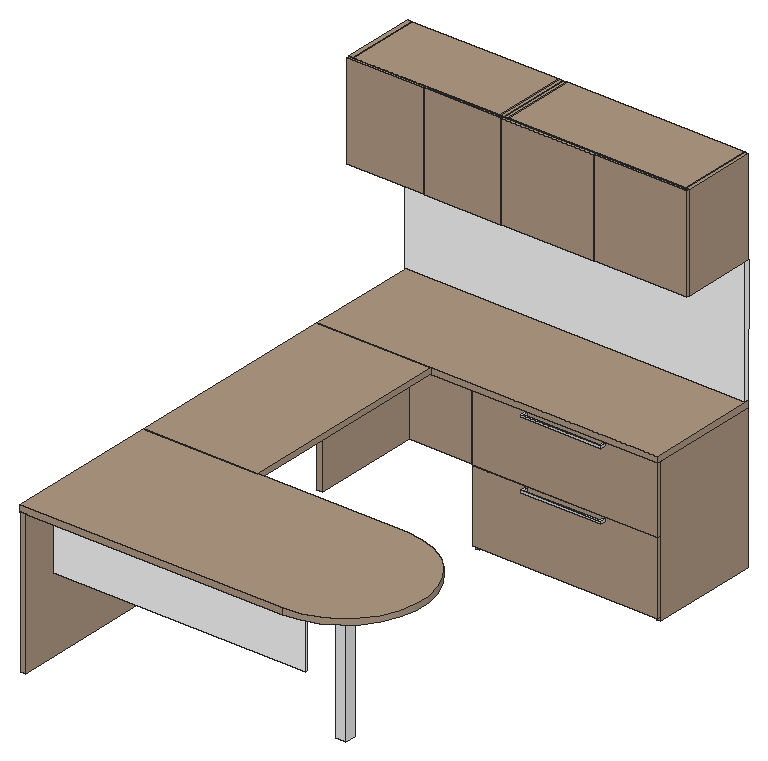
Revit family "T100067", category Furniture, Revit 2013
Parameters (values of type "T100067")
  Width = 66"
  URL = "http://www.ofsbrands.com/"
  Top Core Material = OFS BRANDS STACKS Top Core Wood
  Roll Material = OFS BRANDS STACKS Roll Plastic
  Pull Material = OFS BRANDS STACKS Pull Metal
  Model = "T100067"
  Manufacturer = "FIRST OFFICE"
  Lock Material = OFS BRANDS STACKSLock Metal
  Height = 72"
  Glides Material = OFS BRANDS STACKS Glide Plastic
  Feet Material = OFS BRANDS STACKS Feet Metal
  Drawer Front Material = OFS BRANDS STACKS Drawer Front Wood
  Description = "OFS BRANDS FIRST OFFICE STACKS TYPICAL T100067"
  Depth = 94"
  Cushion Material = OFS BRANDS STACKS Cushion Fabric
  Copyright © = "© 2018 OFS BRANDS"
  Conector Clip Material = OFS BRANDS STACKS Conector Clip Metal
  Chassis Material = OFS BRANDS STACKS Chassis Wood
  Catalog = "http://ofsbrands.com/products/casegoods/private-office/staks-private-office"
  Grommet  Material = OFS BRANDS STACKS Grommet Metal
  Back Coverage Material = OFS BRANDS STACKS Back Coverage Plastic
  Authoring Version = "Autodesk Revit Architecture 2013"
  Assembly Code = "E2020200"
Reference planes (in)
  plane 1 "Center (Front/Back)": y = 0
  plane 2: z = 0
  plane 3 "Center (Left/Right)": x = 0
Forms (in)
  Extrusion 1, solid, material "OFS BRANDS STACKS Top Core Wood" <- "Top Core Material"
    sketch origin (120.11051, -9.33743, 0) x (0, -1, 0) y (1, 0, 0)
      loop
        line (37.66257, -153.11051) -> (37.66257, -102.11051)
        arc (37.66257, -102.11051) -> (22.66257, -87.11051) -> (7.66257, -102.11051) r 15
        line (7.66257, -102.11051) -> (7.66257, -153.11051) -> (37.66257, -153.11051)
    from 27.875 to 29.00005
  Extrusion 2, solid, material "OFS BRANDS STACKS Back Coverage Plastic" <- "Back Coverage Material"
    sketch origin (41.46446, -47.56718, 29.4745) x (1, 0, 0) y (0, 0, 1)
      loop
        line (-23.09849, -13.5995) -> (-23.09849, -1.8495) -> (-72.09849, -1.8495) -> (-72.09849, -13.5995) -> (-23.09849, -13.5995)
    from -5.88091 to -5.63091
  Extrusion 3, solid, material "OFS BRANDS STACKS Conector Clip Metal" <- "Conector Clip Material"
    sketch origin (22.32632, -15.10064, 0) x (0, 1, 0) y (0, 0, 1)
      loop
        line (-25.33563, 27.625) -> (-25.33563, 27.875) -> (-26.21063, 27.875)
        arc (-26.21063, 27.875) -> (-26.4758, 27.76516) -> (-26.58563, 27.5) r 0.375
        line (-26.58563, 27.5) -> (-26.58563, 25.875) -> (-26.33563, 25.875) -> (-26.33563, 27.5)
        arc (-26.33563, 27.5) -> (-26.29902, 27.58839) -> (-26.21063, 27.625) r 0.125
        line (-26.21063, 27.625) -> (-25.33563, 27.625)
    from -9.38691 to -6.63691
  Extrusion 4, solid, material "OFS BRANDS STACKS Conector Clip Metal" <- "Conector Clip Material"
    sketch origin (-17.87212, -15.10064, 0) x (0, 1, 0) y (0, 0, 1)
      loop
        line (-25.33563, 27.625) -> (-25.33563, 27.875) -> (-26.21063, 27.875)
        arc (-26.21063, 27.875) -> (-26.4758, 27.76516) -> (-26.58563, 27.5) r 0.375
        line (-26.58563, 27.5) -> (-26.58563, 25.875) -> (-26.33563, 25.875) -> (-26.33563, 27.5)
        arc (-26.33563, 27.5) -> (-26.29902, 27.58839) -> (-26.21063, 27.625) r 0.125
        line (-26.21063, 27.625) -> (-25.33563, 27.625)
    from -9.38691 to -6.63691
  Extrusion 5, solid, material "OFS BRANDS STACKS Feet Metal" <- "Feet Material"
    sketch origin (-138.22846, -75.2371, 0) x (0, -1, 0) y (1, 0, 0)
      loop
        line (-42.23709, 157.2286) -> (-44.23709, 157.2286) -> (-44.23709, 155.22846) -> (-42.23709, 155.22846) -> (-42.23709, 157.2286)
    from 0 to 27.6807
  Extrusion 6, solid, material "OFS BRANDS STACKS Feet Metal" <- "Feet Material"
    sketch origin (-138.22846, -75.2371, 27.625) x (0, -1, 0) y (1, 0, 0)
      loop
        line (-40.98709, 158.47846) -> (-45.48709, 158.47846) -> (-45.48709, 153.97846) -> (-40.98709, 153.97846) -> (-40.98709, 158.47846)
    from 0 to 0.25
  Extrusion 7, solid, material "OFS BRANDS STACKS Top Core Wood" <- "Top Core Material"
    sketch origin (-1.33743, -106.1105, 0) x (-1, 0, 0) y (0, -1, 0)
      loop
        line (31.66257, -153.11051) -> (31.66257, -131.11051) -> (-34.33743, -131.11051) -> (-34.33743, -153.11051) -> (31.66257, -153.11051)
    from 27.875 to 29.00005
  Extrusion 8, solid, material "OFS BRANDS STACKS Back Coverage Plastic" <- "Back Coverage Material"
    sketch origin (-35.23609, 39.63634, 29.4745) x (1, 0, 0) y (0, 0, 1)
      loop
        line (68.23609, -0.2595) -> (68.23609, 23.9905) -> (2.23609, 23.9905) -> (2.23609, -0.2595) -> (68.23609, -0.2595)
    from -7.36366 to -6.61366
  Extrusion 9, solid, material "OFS BRANDS STACKS Chassis Wood" <- "Chassis Material"
    sketch origin (31.8125, 53.63476, 0) x (0, 1, 0) y (0, 0, -1)
      loop
        line (-6.63476, -53.465) -> (-20.88476, -53.465) -> (-20.88476, -72) -> (-6.63476, -72) -> (-6.63476, -53.465)
    from -1.1875 to -0.4375
  Extrusion 10, solid, material "OFS BRANDS STACKS Chassis Wood" <- "Chassis Material"
    sketch origin (-21, 53.63476, 70.8125) x (1, 0, 0) y (0, -1, 0)
      loop
        line (18.75, 6.63476) -> (53.25, 6.63476) -> (53.25, 20.88476) -> (18.75, 20.88476) -> (18.75, 6.63476)
    from -1.1875 to -0.125
  Extrusion 11, solid, material "OFS BRANDS STACKS Drawer Front Wood" <- "Drawer Front Material"
    sketch origin (-28.86764, 33.3075, -5.31245) x (-1, 0, 0) y (0, 0, 1)
      loop
        line (-61.80514, 77.24994) -> (-61.80514, 58.81245) -> (-43.93019, 58.81245) -> (-43.93019, 77.24994) -> (-61.80514, 77.24994)
    from -1.1175 to -0.5575
  Extrusion 12, solid, material "OFS BRANDS STACKS Chassis Wood" <- "Chassis Material"
    sketch origin (-21, 53.63476, 54.3125) x (1, 0, 0) y (0, -1, 0)
      loop
        line (18.75, 7.82226) -> (53.25, 7.82226) -> (53.25, 20.57227) -> (18.75, 20.57227) -> (18.75, 7.82226)
    from -1.1875 to -0.4375
  Extrusion 13, solid, material "OFS BRANDS STACKS Chassis Wood" <- "Chassis Material"
    sketch origin (-46.10733, 45.81251, 0) x (-1, 0, 0) y (0, 0, -1)
      loop
        line (-43.85733, -53.5) -> (-78.35734, -53.5) -> (-78.35734, -70.9375) -> (-43.85733, -70.9375) -> (-43.85733, -53.5)
    from -0.6875 to 0
  Extrusion 14, solid, material "OFS BRANDS STACKS Chassis Wood" <- "Chassis Material"
    sketch origin (-46.10733, 33.81249, 0) x (-1, 0, 0) y (0, 0, -1)
      loop
        line (-43.85733, -53.5) -> (-78.35734, -53.5) -> (-78.35734, -54.75) -> (-43.85733, -54.75) -> (-43.85733, -53.5)
    from -0.75 to 0
  Extrusion 15, solid, material "OFS BRANDS STACKS Chassis Wood" <- "Chassis Material"
    sketch origin (-3.81437, 53.63476, -56.125) x (0, 1, 0) y (0, 0, -1)
      loop
        line (-6.7736, -56.125) -> (-27.75976, -56.125) -> (-27.75976, -84) -> (-6.7736, -84) -> (-6.7736, -56.125)
    from -1.56437 to -0.81437
  Extrusion 16, solid, material "OFS BRANDS STACKS Drawer Front Wood" <- "Drawer Front Material"
    sketch origin (-31.13171, 26.4325, -12.50272) x (-1, 0, 0) y (0, 0, 1)
      loop
        line (-64.06921, 27.25267) -> (-64.06921, 13.25272) -> (-28.19421, 13.25272) -> (-28.19421, 27.25267) -> (-64.06921, 27.25267)
    from -1.32133 to -0.5575
  Extrusion 17, solid, material "OFS BRANDS STACKS Pull Metal" <- "Pull Material"
    sketch origin (-17.12251, -3.94554, -14.9433) x (-1, 0, 0) y (0, -1, 0)
      loop
        line (-39.49751, -29.05671) -> (-39.49751, -28.24421) -> (-24.74939, -28.24421) -> (-24.74939, -29.05671) -> (-24.37251, -29.05671) -> (-24.37251, -28.05671) -> (-39.87251, -28.05671) -> (-39.87251, -29.05671) -> (-39.49751, -29.05671)
    from 28.9745 to 29.4433
  Extrusion 18, solid, material "OFS BRANDS STACKS Top Core Wood" <- "Top Core Material"
    sketch origin (-1.33743, 156.11051, 0) x (-1, 0, 0) y (0, -1, 0)
      loop
        line (31.66257, 173.11052) -> (9.66257, 173.11052) -> (9.66257, 131.11051) -> (31.66257, 131.11051) -> (31.66257, 173.11052)
    from 27.875 to 29.00005
  Extrusion 19, solid, material "OFS BRANDS STACKS Drawer Front Wood" <- "Drawer Front Material"
    sketch origin (-31.13171, 26.4325, 0.62233) x (-1, 0, 0) y (0, 0, 1)
      loop
        line (-64.06921, 27.25267) -> (-64.06921, 14.25262) -> (-28.19421, 14.25262) -> (-28.19421, 27.25267) -> (-64.06921, 27.25267)
    from -1.32133 to -0.5575
  Extrusion 20, solid, material "OFS BRANDS STACKS Pull Metal" <- "Pull Material"
    sketch origin (-17.12251, -3.94554, -1.81826) x (-1, 0, 0) y (0, -1, 0)
      loop
        line (-39.49751, -29.05671) -> (-39.49751, -28.24421) -> (-24.74939, -28.24421) -> (-24.74939, -29.05671) -> (-24.37251, -29.05671) -> (-24.37251, -28.05671) -> (-39.87251, -28.05671) -> (-39.87251, -29.05671) -> (-39.49751, -29.05671)
    from 28.9745 to 29.4433
  Extrusion 21, solid, material "OFS BRANDS STACKS Chassis Wood" <- "Chassis Material"
    sketch origin (31.43563, 53.63476, -56.125) x (0, 1, 0) y (0, 0, -1)
      loop
        line (-6.7736, -56.125) -> (-27.75976, -56.125) -> (-27.75976, -84) -> (-6.7736, -84) -> (-6.7736, -56.125)
    from -1.56437 to -0.81437
  Extrusion 22, solid, material "OFS BRANDS STACKS Chassis Wood" <- "Chassis Material"
    sketch origin (-4.85734, 45.79868, -52.91) x (-1, 0, 0) y (0, 0, -1)
      loop
        line (-2.60734, -52.91) -> (-37.10733, -52.91) -> (-37.10733, -80.78499) -> (-2.60733, -80.78499) -> (-2.60734, -52.91)
    from -1.18749 to -0.1875
  Extrusion 23, solid, material "OFS BRANDS STACKS Chassis Wood" <- "Chassis Material"
    sketch origin (-49.60734, 45.82151, -52.91) x (-1, 0, 0) y (0, 0, -1)
      loop
        line (-17.72119, -52.91) -> (-29.72119, -52.91) -> (-29.72119, -80.78499) -> (-17.72119, -80.78499) -> (-17.72119, -52.91)
    from -1.18749 to -0.1875
  Extrusion 24, solid, material "OFS BRANDS STACKS Chassis Wood" <- "Chassis Material"
    sketch origin (-31.8125, 63.59351, -52.91) x (0, 1, 0) y (0, 0, 1)
      loop
        line (-16.60734, 52.91) -> (-16.60734, 80.78499) -> (-38.59351, 80.78499) -> (-38.59351, 52.91) -> (-16.60734, 52.91)
    from -1.18749 to -0.1875
  Extrusion 25, solid, material "OFS BRANDS STACKS Conector Clip Metal" <- "Conector Clip Material"
    sketch origin (1.12306, 40.53729, 0) x (1, 0, 0) y (0, 1, 0)
      loop
        line (-31.96319, -13.58917) -> (-31.96319, -17.58917) -> (-27.96319, -17.58917) -> (-27.96319, -13.58917) -> (-31.96319, -13.58917)
    from 27.8125 to 27.875
  Extrusion 26, solid, material "OFS BRANDS STACKS Conector Clip Metal" <- "Conector Clip Material"
    sketch origin (14.64308, 40.53729, 0) x (1, 0, 0) y (0, 1, 0)
      loop
        line (-31.96319, -13.58917) -> (-31.96319, -17.58917) -> (-27.96319, -17.58917) -> (-27.96319, -13.58917) -> (-31.96319, -13.58917)
    from 27.8125 to 27.875
  Extrusion 27, solid, material "OFS BRANDS STACKS Conector Clip Metal" <- "Conector Clip Material"
    sketch origin (1.12306, -1.46767, 0) x (1, 0, 0) y (0, 1, 0)
      loop
        line (-31.96319, -13.58917) -> (-31.96319, -17.58917) -> (-27.96319, -17.58917) -> (-27.96319, -13.58917) -> (-31.96319, -13.58917)
    from 27.8125 to 27.875
  Extrusion 28, solid, material "OFS BRANDS STACKS Conector Clip Metal" <- "Conector Clip Material"
    sketch origin (14.64308, -1.46767, 0) x (1, 0, 0) y (0, 1, 0)
      loop
        line (-31.96319, -13.58917) -> (-31.96319, -17.58917) -> (-27.96319, -17.58917) -> (-27.96319, -13.58917) -> (-31.96319, -13.58917)
    from 27.8125 to 27.875
  Extrusion 29, solid, material "OFS BRANDS STACKS Chassis Wood" <- "Chassis Material"
    sketch origin (-3.4375, 53.63476, 0) x (0, 1, 0) y (0, 0, -1)
      loop
        line (-6.63476, -53.465) -> (-20.88476, -53.465) -> (-20.88476, -72) -> (-6.63476, -72) -> (-6.63476, -53.465)
    from -1.1875 to -0.4375
  Extrusion 30, solid, material "OFS BRANDS STACKS Chassis Wood" <- "Chassis Material"
    sketch origin (-31.8125, 2.59351, -52.91) x (0, 1, 0) y (0, 0, 1)
      loop
        line (-19.59351, 52.91) -> (-19.59351, 80.78499) -> (-49.59351, 80.78499) -> (-49.59351, 52.91) -> (-19.59351, 52.91)
    from -1.18749 to -0.1875
  Extrusion 31, solid, material "OFS BRANDS STACKS Drawer Front Wood" <- "Drawer Front Material"
    sketch origin (-46.86769, 33.3075, -5.31245) x (-1, 0, 0) y (0, 0, 1)
      loop
        line (-61.80514, 77.24994) -> (-61.80514, 58.81245) -> (-43.93019, 58.81245) -> (-43.93019, 77.24994) -> (-61.80514, 77.24994)
    from -1.1175 to -0.5575
  Extrusion 32, solid, material "OFS BRANDS STACKS Chassis Wood" <- "Chassis Material"
    sketch origin (-31.8125, 53.63476, 0) x (0, 1, 0) y (0, 0, 1)
      loop
        line (-6.63476, 53.465) -> (-6.63476, 72) -> (-20.88476, 72) -> (-20.88476, 53.465) -> (-6.63476, 53.465)
    from -1.1875 to -0.4375
  Extrusion 33, solid, material "OFS BRANDS STACKS Chassis Wood" <- "Chassis Material"
    sketch origin (15, 53.63476, 70.8125) x (1, 0, 0) y (0, -1, 0)
      loop
        line (-18.75, 6.63476) -> (-18.75, 20.88476) -> (-47.25001, 20.88476) -> (-47.25001, 6.63476) -> (-18.75, 6.63476)
    from -1.1875 to -0.125
  Extrusion 34, solid, material "OFS BRANDS STACKS Chassis Wood" <- "Chassis Material"
    sketch origin (15, 53.63476, 54.3125) x (1, 0, 0) y (0, -1, 0)
      loop
        line (-18.75, 7.82226) -> (-18.75, 20.57227) -> (-47.25001, 20.57227) -> (-47.25001, 7.82226) -> (-18.75, 7.82226)
    from -1.1875 to -0.4375
  Extrusion 35, solid, material "OFS BRANDS STACKS Chassis Wood" <- "Chassis Material"
    sketch origin (40.10734, 45.81251, 0) x (1, 0, 0) y (0, 0, 1)
      loop
        line (-43.85733, 53.5) -> (-43.85733, 70.9375) -> (-72.35735, 70.9375) -> (-72.35735, 53.5) -> (-43.85733, 53.5)
    from -0.6875 to 0
  Extrusion 36, solid, material "OFS BRANDS STACKS Chassis Wood" <- "Chassis Material"
    sketch origin (40.10734, 33.81249, 0) x (1, 0, 0) y (0, 0, 1)
      loop
        line (-43.85733, 53.5) -> (-43.85733, 54.75) -> (-72.35735, 54.75) -> (-72.35735, 53.5) -> (-43.85733, 53.5)
    from -0.75 to 0
  Extrusion 37, solid, material "OFS BRANDS STACKS Chassis Wood" <- "Chassis Material"
    sketch origin (-2.56249, 53.63476, 0) x (0, 1, 0) y (0, 0, 1)
      loop
        line (-6.63476, 53.465) -> (-6.63476, 72) -> (-20.88476, 72) -> (-20.88476, 53.465) -> (-6.63476, 53.465)
    from -1.1875 to -0.4375
  Extrusion 38, solid, material "OFS BRANDS STACKS Drawer Front Wood" <- "Drawer Front Material"
    sketch origin (40.8677, 33.3075, -5.31245) x (1, 0, 0) y (0, 0, -1)
      loop
        line (-58.80515, -77.24994) -> (-43.93019, -77.24994) -> (-43.93019, -58.81245) -> (-58.80515, -58.81245) -> (-58.80515, -77.24994)
    from -1.1175 to -0.5575
  Extrusion 39, solid, material "OFS BRANDS STACKS Drawer Front Wood" <- "Drawer Front Material"
    sketch origin (25.86765, 33.3075, -5.31245) x (1, 0, 0) y (0, 0, -1)
      loop
        line (-58.80515, -77.24994) -> (-43.93019, -77.24994) -> (-43.93019, -58.81245) -> (-58.80515, -58.81245) -> (-58.80515, -77.24994)
    from -1.1175 to -0.5575
Dimensions and locks (in)
  Extrusion 23 to Extrusion 30 = 94.009"
  aligned and locked: level to plane 2
